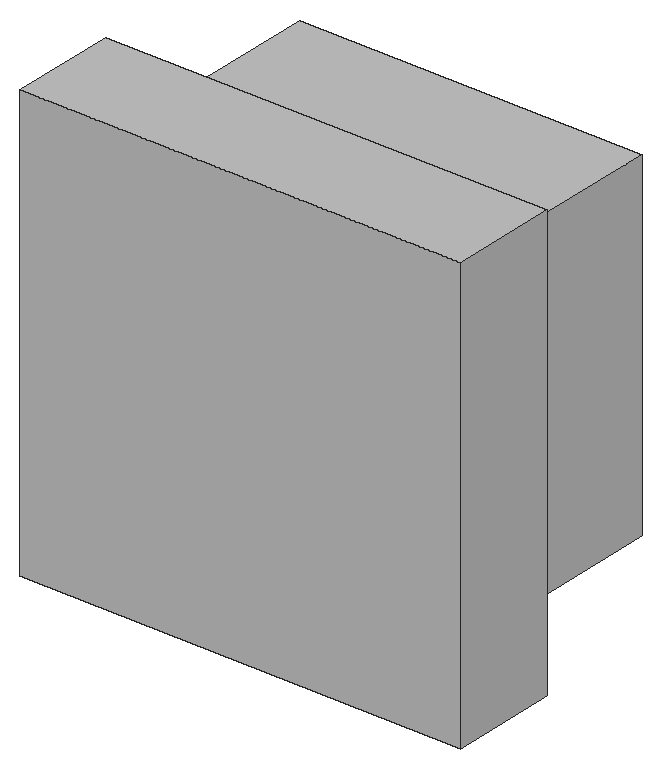
Revit family "efg_egg-20_60mfs(t)b2_60Hz", category 機械設備, Revit 2019
Family settings
  丸型コネクタ寸法 = 直径を使用
  パーツ タイプ = 標準
  OmniClass 番号 = 23.75.35.21.17
  OmniClass タイトル = Industrial Ventilating Equipment
  作業面ベース = いいえ
  常に垂直 = はい
  ロード時にボイドで切り取り = はい
  共有 = いいえ
  部屋計算ポイント = はい
Parameters (values of type "EFG-25MFSB2")
  騒音レベル(dB(A)) [instance] = 44.5
  風量 [instance] = 780.0 m³/h
  電源種別 [instance] = ""
  電圧 = 100 V
  電動機出力 = 25 W
  電動機_種別 [instance] = ""
  運転質量 = 0.00 kg
  連動 [instance] = ""
  質量 = if(製品質量 > 運転質量, 製品質量, 運転質量) * 1.2  # 7.80 kg
  負荷分類 = 3_ファン類
  説明 = "業務用有圧換気扇 店舗用 メッシュタイプ 給気形"
  設計風量 [instance] = 0.0 m³/h
  設置方法 = "壁付"
  記号 [instance] = ""
  製造元 = "三菱電機株式会社"
  製品質量 = 6.50 kg
  製品出荷対象 = "国内"
  製品リリース年月 = "2022年6月1日"
  製品グループ = ""
  羽根径 = "∅250"
  系統 [instance] = ""
  符号 [instance] = if(☑給気／□排気, "FS", "FE")  # "FS"
  積算_科目 = ""
  積算_拾い区分 [instance] = ""
  相 = 1
  盤記号 [instance] = ""
  盤工事区分 = ""
  発停方法 [instance] = ""
  特殊仕様 [instance] = ""
  火災停止 [instance] = ""
  消費電力 = 40 W
  法定耐用年数 = "15"
  極数 = 2
  極 = 4
  材質 [instance] = ""
  操作・制御方式 = ""
  操作・制御スイッチ = ""
  排気量 [instance] = if(☑給気／□排気, 0.0 m³/h, 設計風量)  # 0.0 m³/h
  形式 = ""
  幹線記号 [instance] = ""
  対象室 [instance] = ""
  実風量 [instance] = 0.0 m³/h
  始動方式 [instance] = "直入"
  外気量 [instance] = if(☑給気／□排気, 設計風量, 0.0 m³/h)  # 0.0 m³/h
  呼称 = "有圧扇"
  周波数 = 60 Hz
  参照している仕様書等のバージョン = ""
  分類コード = "50052503100110"
  分類グループ = ""
  価格 = 68600
  企業コード = "108420"
  付属品_防振装置 = ""
  付属品 [instance] = ""
  仕様書バージョン = "Version1.0"
  モデル = "EFG-25MFSB2"
  ファンの種類 = "軸流羽根"
  コメント [instance] = ""
  Keynote = ""
  ☑給気／□排気 [instance] = yes
  Width = 379 mm
  W1 = 294 mm
  Version = ""
  Uniclass2015Version = "Systems v1.9"
  Uniclass2015Title = "Propeller fans"
  Uniclass2015Code = "Pr_65_67_29_67"
  URL = "https://www.mitsubishielectric.co.jp/ldg/wink/ssl/displayProduct.do?pid=318509"
  SpecificationReference = ""
  SpecificationDescription = ""
  Revision = ""
  ProductInformation = ""
  OmniClassCode = "23-33 31 19 11 17"
  MIN風量 = 520.0 m³/h
  MID風量 = 0.0 m³/h
  MAX風量 = 780.0 m³/h
  IfcTypeProduct = ""
  IfcProduct = ""
  IfcExportType = "TUBEAXIAL"
  IfcExportAs = "IfcFanType"
  Height = 374 mm
  H1 = 294 mm
  Depth = 247 mm
  D1 = 155 mm
  Author = "三菱電機株式会社"
Types (7, lengths in mm): name | 騒音レベル(dB(A)) | 風量 | 電圧 | 電動機出力 | 質量 | 製品質量 | 羽根径 | 相 | 消費電力 | 極数 | 極 | 価格 | モデル | Width | W1 | URL | MIN風量 | MAX風量 | Height | H1 | Depth | D1
  EFG-25MFSB2 | 44.5 | 780.0 m³/h | 100 V | 25 W | 7.80 kg | 6.50 kg | "∅250" | 1 | 40 W | 2 | 4 | 68600 | "EFG-25MFSB2" | 379 | 294 | "https://www.mitsubishielectric.co.jp/ldg/wink/ssl/displayProduct.do?pid=318509" | 520.0 m³/h | 780.0 m³/h | 374 | 294 | 247 | 155
  EFG-30MFSB2 | 48.5 | 1180.0 m³/h | 100 V | 50 W | 10.20 kg | 8.50 kg | "∅300" | 1 | 61 W | 2 | 4 | 83500 | "EFG-30MFSB2" | 429 | 344 | "https://www.mitsubishielectric.co.jp/ldg/wink/ssl/displayProduct.do?pid=318568" | 720.0 m³/h | 1180.0 m³/h | 424 | 344 | 272 | 155
  EFG-35MFSB2 | 56 | 1800.0 m³/h | 100 V | 100 W | 12.60 kg | 10.50 kg | "∅350" | 1 | 121 W | 2 | 4 | 121000 | "EFG-35MFSB2" | 484 | 399 | "https://www.mitsubishielectric.co.jp/ldg/wink/ssl/displayProduct.do?pid=318573" | 1280.0 m³/h | 1800.0 m³/h | 479 | 399 | 277 | 155
  EFG-40MFSB2 | 60.5 | 2450.0 m³/h | 100 V | 150 W | 22.92 kg | 19.10 kg | "∅400" | 1 | 188 W | 2 | 4 | 156000 | "EFG-40MFSB2" | 520 | 423 | "https://www.mitsubishielectric.co.jp/ldg/wink/ssl/displayProduct.do?pid=318578" | 1900.0 m³/h | 2450.0 m³/h | 518 | 423 | 343 | 159
  EFG-40MFSTB2 | 60.5 | 2490.0 m³/h | 200 V | 150 W | 22.92 kg | 19.10 kg | "∅400" | 3 | 172 W | 3 | 4 | 156000 | "EFG-40MFSTB2" | 520 | 423 | "https://www.mitsubishielectric.co.jp/ldg/wink/ssl/displayProduct.do?pid=318579" | 0.0 m³/h | 2490.0 m³/h | 518 | 423 | 343 | 159
  EGG-50MFSTB2 | 60 | 4220.0 m³/h | 200 V | 400 W | 33.72 kg | 28.10 kg | "∅500" | 3 | 318 W | 3 | 6 | 201000 | "EGG-50MFSTB2" | 620 | 524 | "https://www.mitsubishielectric.co.jp/ldg/wink/ssl/displayProduct.do?pid=318600" | 0.0 m³/h | 4220.0 m³/h | 618 | 524 | 413 | 189
  EGG-60MFSTB2 | 64.5 | 6310.0 m³/h | 200 V | 400 W | 42.12 kg | 35.10 kg | "∅600" | 3 | 535 W | 3 | 6 | 265000 | "EGG-60MFSTB2" | 710 | 614 | "https://www.mitsubishielectric.co.jp/ldg/wink/ssl/displayProduct.do?pid=318603" | 0.0 m³/h | 6310.0 m³/h | 708 | 614 | 433 | 189
Reference planes
  plane 1 "中心(正面/背面)": y = 0
  plane 2: z = 0
  plane 3 "中心(左/右)": x = 0
  plane 4: z = 0
  plane 5: through (-212.884, -1524, -243.751) normal (0.6508, 0, 0.7593)
  plane 6: through (208.307, -1524, -247.63) normal (-0.6508, 0, 0.7593)
  plane 7 "正面": y = -92
  plane 8: through (-208.307, -1524, -247.63) normal (-0.6508, 0, -0.7593)
  plane 9: y = 158
  plane 10: y = 258
  plane 11: x = -189.5
  plane 12: x = 189.5
  plane 13: z = 187
  plane 14: x = -147
  plane 15: z = 147
  plane 16: z = -187
  plane 17: z = -147
  plane 18: x = 147
  plane 19: y = 155
Forms (mm)
  Extrusion 1, solid, detail levels fine
    sketch origin (0, 0, 0) x (1, 0, 0) y (0, 0, 1)
      loop
        line (-189.5, 187) -> (-189.5, -187) -> (189.5, -187) -> (189.5, 187) -> (-189.5, 187)
    from 0 to 92
  Extrusion 2, solid, detail levels fine
    sketch origin (0, 0, 0) x (1, 0, 0) y (0, 0, 1)
      loop
        line (-147, 147) -> (-147, -147) -> (147, -147) -> (147, 147) -> (-147, 147)
    from -155 to 0
Lines and regions (mm)
  Masking region 1, detail levels coarse+medium
    outline origin (0, 0, 0) x (1, 0, 0) y (0, 1, 0)
      loop
        line (-250, -92) -> (250, -92) -> (250, 158) -> (-250, 158) -> (-250, -92)
  Masking region 2, detail levels coarse+medium
    outline origin (0, 0, 0) x (1, 0, 0) y (0, 1, 0)
      loop
        line (-124, 158) -> (124, 158) -> (124, 258) -> (-124, 258) -> (-124, 158)
  symbolic lines, detail levels coarse+medium
    curve 1: circle (124, -98, 0) r 115 normal (0, 0, 1)
    curve 2: circle (-124, -98, 0) r 115 normal (0, 0, -1)
Dimensions and locks
  level to plane 4 = 0 mm
  plane 7 "正面" to plane 9 to plane 10 = 250 mm locked, 100 mm locked
  equal spacing: plane 18, plane 3 "中心(左/右)", plane 14
  "W1": plane 18 to plane 14
  equal spacing: plane 12, plane 3 "中心(左/右)", plane 11
  "Width": plane 12 to plane 11
  equal spacing: plane 15, level, plane 17
  "H1": plane 15 to plane 17
  equal spacing: plane 13, level, plane 16
  "Height": plane 13 to plane 16
  "D1": plane 1 "中心(正面/背面)" to plane 19
  "Depth": plane 7 "正面" to plane 19
  aligned and locked: level to plane 2
  aligned and locked: plane 7 "正面" to Masking region 1 sketch curve
  aligned and locked: plane 9 to Masking region 1 sketch curve
  aligned and locked: Masking region 2 sketch curve to plane 9
  aligned and locked: plane 10 to Masking region 2 sketch curve
  aligned and locked: Extrusion 1 sketch curve to plane 13
  aligned and locked: plane 11 to Extrusion 1 sketch curve
  aligned and locked: Extrusion 1 sketch curve to plane 16
  aligned and locked: plane 12 to Extrusion 1 sketch curve
  aligned and locked: Extrusion 2 sketch curve to plane 15
  aligned and locked: plane 14 to Extrusion 2 sketch curve
  aligned and locked: Extrusion 2 sketch curve to plane 17
  aligned and locked: plane 18 to Extrusion 2 sketch curve
  aligned and locked: plane 19 to Extrusion 2
  aligned and locked: plane 1 "中心(正面/背面)" to Extrusion 2
  aligned and locked: plane 7 "正面" to Extrusion 1
  aligned and locked: Extrusion 1 to plane 1 "中心(正面/背面)"
Automatic sketch dimensions
  curve 2 to plane 3 "中心(左/右)" = 124 mm
  plane 3 "中心(左/右)" to curve 1 = 124 mm
  Masking region 1 sketch curve to plane 3 "中心(左/右)" = 250 mm
  plane 3 "中心(左/右)" to Masking region 1 sketch curve = 250 mm
  Masking region 2 sketch curve to plane 3 "中心(左/右)" = 124 mm
  plane 3 "中心(左/右)" to Masking region 2 sketch curve = 124 mm
  plane 7 "正面" to curve 2 = 6 mm
  plane 7 "正面" to curve 1 = 6 mm
  radius of curve 1 = 115 mm
  radius of curve 2 = 115 mm
Connectors
  electrical at (-189.5, -46, 0), driven by "極数", driven by "負荷分類", driven by "電圧", driven by "消費電力"
    settings: on Extrusion 1, index 1, voltage 100 V, apparent load 40 VA, apparent load phase1 0 VA, apparent load phase2 0 VA, apparent load phase3 0 VA, power factor 1, load classification "3_ファン類", number of poles 2, system type 30, power factor state 1, is connector primary yes, connector utility no, sub classification motor no, connector description ""
